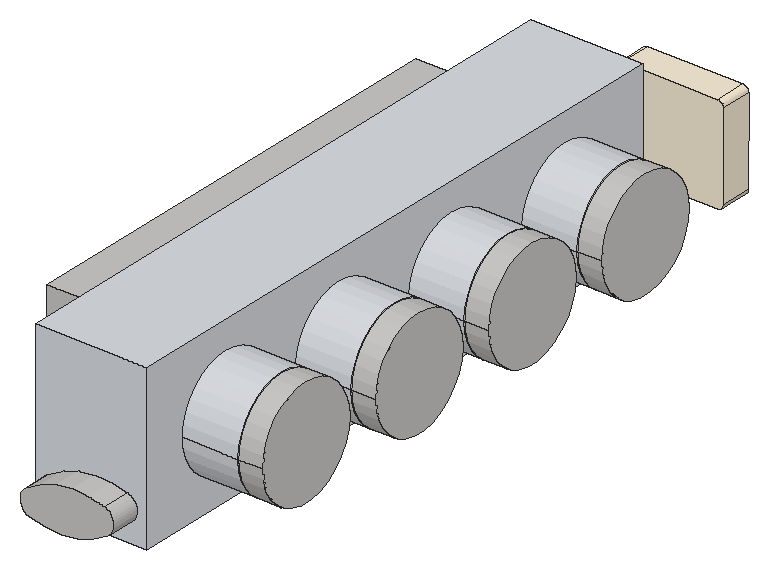
Revit family "HVAC_Ductwork_Airzone_Motorized-Plenum_Samsung_Standard_4-Dampers", category Mechanical Equipment, Revit 2016
Family settings
  Part Type = Normal
  Round Connector Dimension = Use Diameter
  OmniClass Number = 23.75.70.14
  OmniClass Title = Air Ductwork
  Work Plane-Based = No
  Always vertical = Yes
  Cut with Voids When Loaded = No
  Shared = No
  Room Calculation Point = No
Parameters (values of type "SAMST01S4")
  Voltage = 230 V
  URL = "www.airzone.es"
  Type Image Comments = "Image available in product documentation download"  # constant formula
  Revit Model Version = "1.0"  # constant formula
  Revit Model Author URL = "www.a3d.es"
  Revit Model Author = "A3D Consulting"  # constant formula
  Product Documentation Download URL = "http://doc.airzone.es/BIM/Easyzone/Samsung-Airzone_motorized_plenum.zip"
  Product Comments = "Refer to technical documentation for further details"  # constant formula
  Power Factor = 1
  Neck Width = 847.600 mm
  Neck Length = 95.000 mm
  Neck Height = 188.600 mm
  Material = Metal - AIRZONE - Galvanized Sheet - Semi-polished
  Main Control Board Material = Plastic - AIRZONE - Smooth - Off-white
  Load Classification = Other
  Insulated Body Width = 205.000 mm  # constant formula
  Insulated Body Material = Metal -AIRZONE - Insulating Lining -Aluminum Finish
  Insulated Body Length = 1140.000 mm  # constant formula
  Insulated Body Height = 300.000 mm  # constant formula
  Flow [instance] = Damper 4 Air Flow + Damper 3 Air Flow + Damper 2 Air Flow + Damper 1 Air Flow - Fresh Air Inlet 2 Flow - Fresh Air Inlet 1 Flow  # 1200 m³/h
  Fresh Air Inlet 1 Flow [instance] = 0 m³/h
  Fresh Air Inlet 2 Flow [instance] = 0 m³/h
  Fresh Air Inlet Connection Width = 175.000 mm
  Fresh Air Inlet Connection Height = 75.000 mm
  Model = "SAMST01S4"
  Neck Side Offset = 146.200 mm
  Neck Bottom Offset = 78.200 mm
  Type Image = <None>
  Manufacturer = "AIRZONE"  # constant formula
  Main Control Board Depth = 57.000 mm  # constant formula
  Main Control Board Width = 195.000 mm  # constant formula
  Main Control Board Height = 180.000 mm  # constant formula
  Fixing = ""
  Disclaimer = "All information provided in this model is reviewed before being published. However, Airzone cannot guarantee this model is error-free, therefore users are strongly encouraged to check for technical documentation and updates"  # constant formula
  Description = "Airzone standard motorized plenum with neck that mechanically adapts to the main ducted AC units of Samsung."
  Type Comments = ""
  Dampers Length = 149.000 mm  # constant formula
  Dampers Diameter = 200.000 mm  # constant formula
  Damper 4 Air Flow [instance] = 300 m³/h
  Damper 1 Air Flow [instance] = 300 m³/h
  Damper 2 Air Flow [instance] = 300 m³/h
  Damper 3 Air Flow [instance] = 300 m³/h
  Fresh Air Inlet Connection Offset Height = 48.305 mm  # constant formula
  Compatible Accesories = ""
  Apparent Load = 57.5 VA
Types (8, lengths in mm): name | Neck Width | Neck Height | Model | Neck Side Offset | Neck Bottom Offset
  SAMST06M4 | 820.600 | 223.600 | "SAMST06M4" | 159.700 | 43.200
  SAMST05M4 | 907.600 | 188.600 | "SAMST05M4" | 116.200 | 78.200
  SAMST05S4 | 847.600 | 188.600 | "SAMST05S4" | 146.200 | 78.200
  SAMST03M4 | 820.600 | 223.600 | "SAMST03M4" | 159.700 | 43.200
  SAMST02L4 | 907.600 | 232.600 | "SAMST02L4" | 116.200 | 33.700
  SAMST01L4 | 907.600 | 188.600 | "SAMST01L4" | 116.200 | 78.200
  SAMST01M4 | 847.600 | 188.600 | "SAMST01M4" | 146.200 | 78.200
  SAMST01S4 | 847.600 | 188.600 | "SAMST01S4" | 146.200 | 78.200
Reference planes
  plane 1 "Center (Front/Back)": y = 0
  plane 2 "Center (Elevation)": z = 0
  plane 3 "Center (Left/Right)": x = 0
  plane 4 "Neck Back": y = 423.8
  plane 5 "Neck Front": y = -423.8
  plane 6 "Neck Top": z = 94.3
  plane 7 "Neck Bottom": z = -94.3
  plane 8 "Left": x = 95
  plane 9 "Bottom": z = -172.5
  plane 10 "Top": z = 127.5
  plane 11 "Front": y = -570
  plane 12 "Back": y = 570
  plane 13 "Right": x = 300
  plane 14 "Dampers Front": x = 449
  plane 15 "Dampers Center (Elevation)": z = -22.5
  plane 16 "Damper3": y = -130
  plane 17 "Damper2": y = 130
  plane 18 "Damper1": y = 390
  plane 19 "Middle": y = 0
  plane 20 "FreshAir Center (Elevation)": z = -124.195
  plane 21 "FreshAir1": y = 622.5
  plane 22 "FreshAir2": y = -622.5
  plane 23 "Dampers Lining": x = 404
  plane 24 "FreshAir Vertical Axis": x = 195.83
  plane 25 "ConnectionBox Side": x = 254
  plane 26 "Main Control Board Center (Left/Right)": x = 351.5
  plane 27 "Damper4": y = -390
Forms (mm)
  Extrusion 1, solid, material "Metal - AIRZONE - Galvanized Sheet - Semi-polished" <- "Material"
    sketch origin (0, 0, 0) x (0, 1, 0) y (0, 0, 1)
      loop
        line (-423.8, 94.3) -> (-423.8, -94.3) -> (423.8, -94.3) -> (423.8, 94.3) -> (-423.8, 94.3)
    from 0 to 95
  Extrusion 2, solid, material "Metal -AIRZONE - Insulating Lining -Aluminum Finish" <- "Insulated Body Material"
    sketch origin (95, 0, 0) x (0, 1, 0) y (0, 0, 1)
      loop
        line (-570, 127.5) -> (-570, -172.5) -> (570, -172.5) -> (570, 127.5) -> (-570, 127.5)
    from 0 to 205
  Extrusion 3, solid, material "Metal - AIRZONE - Galvanized Sheet - Semi-polished" <- "Material"
    sketch origin (300, 0, 0) x (0, 1, 0) y (0, 0, 1)
      loop
        circle (-130, -22.5) r 100
    from 104 to 149
  Extrusion 4, solid, material "Metal - AIRZONE - Galvanized Sheet - Semi-polished" <- "Material"
    sketch origin (300, 0, 0) x (0, 1, 0) y (0, 0, 1)
      loop
        circle (130, -22.5) r 100
    from 104 to 149
  Extrusion 5, solid, material "Metal - AIRZONE - Galvanized Sheet - Semi-polished" <- "Material"
    sketch origin (300, 0, 0) x (0, 1, 0) y (0, 0, 1)
      loop
        circle (390, -22.5) r 100
    from 104 to 149
  Extrusion 6, solid, material "Metal - AIRZONE - Galvanized Sheet - Semi-polished" <- "Material"
    sketch origin (0, -570, 0) x (0, 0, 1) y (1, 0, 0)
      loop
        arc (-91.641, 265.204) -> (-113.108, 282.105) -> (-137.812, 270.434) r 25.96
        arc (-137.812, 270.434) -> (-163.802, 200.598) -> (-156.349, 126.456) r 164.67
        arc (-156.349, 126.456) -> (-135.165, 109.589) -> (-110.494, 120.751) r 25.96
        arc (-110.494, 120.751) -> (-84.225, 190.78) -> (-91.641, 265.204) r 164.67
    from 0 to -52.5
  Extrusion 7, solid, material "Metal - AIRZONE - Galvanized Sheet - Semi-polished" <- "Material"
    sketch origin (0, 570, 0) x (0, 0, 1) y (1, 0, 0)
      loop
        arc (-91.641, 265.204) -> (-112.825, 282.071) -> (-137.496, 270.909) r 25.96
        arc (-137.496, 270.909) -> (-163.679, 201.53) -> (-156.767, 127.699) r 164.67
        arc (-156.767, 127.699) -> (-135.532, 109.637) -> (-110.178, 121.226) r 25.96
        arc (-110.178, 121.226) -> (-84.188, 191.062) -> (-91.641, 265.204) r 164.67
    from 0 to 52.5
  Extrusion 8, solid, material "Metal -AIRZONE - Insulating Lining -Aluminum Finish" <- "Insulated Body Material"
    sketch origin (300, 0, 0) x (0, 1, 0) y (0, 0, 1)
      loop
        circle (390, -22.5) r 100
    from 0 to 104
  Extrusion 9, solid, material "Metal -AIRZONE - Insulating Lining -Aluminum Finish" <- "Insulated Body Material"
    sketch origin (300, -260, 0) x (0, 1, 0) y (0, 0, 1)
      loop
        circle (390, -22.5) r 100
    from 0 to 104
  Extrusion 10, solid, material "Metal -AIRZONE - Insulating Lining -Aluminum Finish" <- "Insulated Body Material"
    sketch origin (300, -520, 0) x (0, 1, 0) y (0, 0, 1)
      loop
        circle (390, -22.5) r 100
    from 0 to 104
  Extrusion 11, solid, material "Metal - AIRZONE - Galvanized Sheet - Semi-polished" <- "Material"
    sketch origin (300, -190, 0) x (0, 1, 0) y (0, 0, 1)
      loop
        circle (-200, -22.5) r 100
    from 104 to 149
  Extrusion 12, solid, material "Metal -AIRZONE - Insulating Lining -Aluminum Finish" <- "Insulated Body Material"
    sketch origin (300, -710, 0) x (0, 1, 0) y (0, 0, 1)
      loop
        circle (320, -22.5) r 100
    from 0 to 104
Lines and regions (mm)
  Masking region 1
    outline origin (0, 0, 0) x (1, 0, 0) y (0, 1, 0)
      loop
        line (95, 570) -> (95, -570) -> (300, -570) -> (300, 570) -> (95, 570)
  Masking region 2, detail levels medium+fine
    outline origin (0, 0, 0) x (1, 0, 0) y (0, 1, 0)
      loop
        line (0, 423.8) -> (0, -423.8) -> (95, -423.8) -> (95, 423.8) -> (0, 423.8)
  Masking region 3, detail levels medium+fine
    outline origin (0, 0, 0) x (1, 0, 0) y (0, 1, 0)
      loop
        line (300, -30) -> (300, -230) -> (449, -230) -> (449, -30) -> (300, -30)
  Masking region 4, detail levels medium+fine
    outline origin (0, 260, 0) x (1, 0, 0) y (0, 1, 0)
      loop
        line (300, -30) -> (300, -230) -> (449, -230) -> (449, -30) -> (300, -30)
  Masking region 5, detail levels medium+fine
    outline origin (0, 520, 0) x (1, 0, 0) y (0, 1, 0)
      loop
        line (300, -30) -> (300, -230) -> (449, -230) -> (449, -30) -> (300, -30)
  Masking region 6, detail levels medium+fine
    outline origin (0, 0, -124.195) x (1, 0, 0) y (0, 1, 0)
      loop
        line (108.33, 622.5) -> (108.33, 570) -> (283.33, 570) -> (283.33, 622.5) -> (108.33, 622.5)
  Masking region 7, detail levels medium+fine
    outline origin (0, 0, -124.195) x (1, 0, 0) y (0, 1, 0)
      loop
        line (108.33, -570) -> (108.33, -622.5) -> (283.33, -622.5) -> (283.33, -570) -> (108.33, -570)
  Masking region 8, detail levels medium+fine
    outline origin (0, 0, 127.5) x (0, -1, 0) y (1, 0, 0)
      loop
        line (-627, 254) -> (-570, 254) -> (-570, 449) -> (-627, 449) -> (-627, 254)
  Masking region 9, detail levels medium+fine
    outline origin (0, -190, 0) x (1, 0, 0) y (0, 1, 0)
      loop
        line (300, -100) -> (300, -300) -> (449, -300) -> (449, -100) -> (300, -100)
  symbolic lines, detail levels coarse
    curve 1: line (95, -570, 0) -> (300, 0, 0)
    curve 2: line (300, 0, 0) -> (95, 570, 0)
Dimensions and locks
  equal spacing: plane 4 "Neck Back", plane 1 "Center (Front/Back)", plane 5 "Neck Front"
  "Neck Width": plane 4 "Neck Back" to plane 5 "Neck Front"
  equal spacing: plane 6 "Neck Top", level, plane 7 "Neck Bottom"
  "Neck Height": plane 6 "Neck Top" to plane 7 "Neck Bottom"
  "Neck Length": plane 3 "Center (Left/Right)" to plane 8 "Left"
  "Neck Bottom Offset": plane 7 "Neck Bottom" to plane 9 "Bottom"
  "Insulated Body Height": plane 10 "Top" to plane 9 "Bottom"
  "Insulated Body Length": plane 12 "Back" to plane 11 "Front"
  "Insulated Body Width": plane 8 "Left" to plane 13 "Right"
  "Dampers Length": plane 13 "Right" to plane 14 "Dampers Front"
  equal spacing: plane 10 "Top", plane 15 "Dampers Center (Elevation)", plane 9 "Bottom"
  equal spacing: plane 12 "Back", plane 19 "Middle", plane 11 "Front"
  plane 8 "Left" to plane 13 "Right" = 205.000 mm
  "Fresh Air Inlet Connection Offset Height": plane 20 "FreshAir Center (Elevation)" to plane 9 "Bottom"
  locked: Extrusion 6 sketch curve to plane 9 "Bottom" at 56.47
  locked: plane 13 "Right" to Extrusion 6 sketch curve at 43.69
  locked: plane 13 "Right" to Extrusion 6 sketch curve at 164.65
  locked: Extrusion 6 sketch curve to plane 9 "Bottom" at 40.54
  locked: plane 13 "Right" to Extrusion 6 sketch curve at 87.91
  locked: plane 9 "Bottom" to Extrusion 6 sketch curve at 75.01
  locked: plane 13 "Right" to Extrusion 6 sketch curve at 120.43
  locked: Extrusion 6 sketch curve to plane 9 "Bottom" at 172.02
  locked: plane 13 "Right" to Extrusion 7 sketch curve at 43.69
  locked: Extrusion 7 sketch curve to plane 9 "Bottom" at 56.47
  locked: Extrusion 7 sketch curve to plane 9 "Bottom" at 40.54
  locked: plane 13 "Right" to Extrusion 7 sketch curve at 164.65
  locked: plane 13 "Right" to Extrusion 7 sketch curve at 120.43
  locked: Extrusion 7 sketch curve to plane 9 "Bottom" at 172.02
  locked: plane 9 "Bottom" to Extrusion 7 sketch curve at 75.01
  locked: plane 13 "Right" to Extrusion 7 sketch curve at 87.91
  "Neck Side Offset": plane 12 "Back" to plane 4 "Neck Back"
  locked: plane 21 "FreshAir1" to plane 12 "Back" at 52.5
  plane 11 "Front" to plane 22 "FreshAir2" = 52.500 mm
  locked: connector elem to plane 13 "Right" at 104.17
  locked: plane 20 "FreshAir Center (Elevation)" to connector elem
  locked: plane 13 "Right" to connector elem at 104.17
  locked: connector elem to plane 20 "FreshAir Center (Elevation)"
  locked: plane 23 "Dampers Lining" to plane 14 "Dampers Front" at 45
  locked: plane 24 "FreshAir Vertical Axis" to plane 13 "Right" at 104.17
  equal spacing: Masking region 3 sketch curve, plane 16 "Damper3", Masking region 3 sketch curve
  "Dampers Diameter": Masking region 3 sketch curve to Masking region 3 sketch curve
  "Dampers Diameter": Masking region 4 sketch curve to Masking region 4 sketch curve
  equal spacing: Masking region 5 sketch curve, plane 18 "Damper1", Masking region 5 sketch curve
  "Dampers Diameter": Masking region 5 sketch curve to Masking region 5 sketch curve
  equal spacing: Masking region 6 sketch curve, plane 24 "FreshAir Vertical Axis", Masking region 6 sketch curve
  "Fresh Air Inlet Connection Width": Masking region 6 sketch curve to Masking region 6 sketch curve
  equal spacing: Masking region 7 sketch curve, plane 24 "FreshAir Vertical Axis", Masking region 7 sketch curve
  "Fresh Air Inlet Connection Width": Masking region 7 sketch curve to Masking region 7 sketch curve
  "Main Control Board Depth": Masking region 8 sketch curve to plane 12 "Back"
  "Main Control Board Width": plane 25 "ConnectionBox Side" to plane 14 "Dampers Front"
  equal spacing: plane 25 "ConnectionBox Side", plane 26 "Main Control Board Center (Left/Right)", plane 14 "Dampers Front"
  locked: nested 1 to plane 10 "Top" at 10
  equal spacing: Masking region 4 sketch curve, plane 17 "Damper2", Masking region 4 sketch curve
  equal spacing: Masking region 9 sketch curve, plane 27 "Damper4", Masking region 9 sketch curve
  "Dampers Diameter": Masking region 9 sketch curve to Masking region 9 sketch curve
  plane 18 "Damper1" to plane 17 "Damper2" to plane 16 "Damper3" to plane 27 "Damper4" = 260.000 mm locked, 260.000 mm locked, 260.000 mm locked
  locked: plane 17 "Damper2" to plane 19 "Middle" at 130
  "Dampers Diameter": diameter of Extrusion 3 sketch curve
  "Dampers Diameter": diameter of Extrusion 4 sketch curve
  "Dampers Diameter": diameter of Extrusion 5 sketch curve
  radius of Extrusion 7 sketch curve = 164.670 mm  (x2)
  radius of Extrusion 7 sketch curve = 25.960 mm  (x2)
  radius of Extrusion 6 sketch curve = 164.670 mm  (x2)
  radius of Extrusion 6 sketch curve = 25.960 mm  (x2)
  "Dampers Diameter": diameter of Extrusion 8 sketch curve
  "Dampers Diameter": diameter of Extrusion 9 sketch curve
  "Dampers Diameter": diameter of Extrusion 10 sketch curve
  "Dampers Diameter": diameter of Extrusion 11 sketch curve
  "Dampers Diameter": diameter of Extrusion 12 sketch curve
  aligned and locked: level to plane 2 "Center (Elevation)"
  aligned and locked: plane 5 "Neck Front" to Extrusion 1 sketch curve
  aligned and locked: Extrusion 1 sketch curve to plane 6 "Neck Top"
  aligned and locked: Extrusion 1 sketch curve to plane 4 "Neck Back"
  aligned and locked: plane 7 "Neck Bottom" to Extrusion 1 sketch curve
  aligned and locked: Extrusion 1 to plane 3 "Center (Left/Right)"
  aligned and locked: Extrusion 2 sketch curve to plane 10 "Top"
  aligned and locked: Extrusion 2 sketch curve to plane 12 "Back"
  aligned and locked: plane 9 "Bottom" to Extrusion 2 sketch curve
  aligned and locked: plane 11 "Front" to Extrusion 2 sketch curve
  aligned and locked: plane 13 "Right" to Extrusion 2
  aligned and locked: Extrusion 2 to plane 8 "Left"
  aligned and locked: plane 16 "Damper3" to Extrusion 3 sketch curve
  aligned and locked: plane 15 "Dampers Center (Elevation)" to Extrusion 3 sketch curve
  aligned and locked: plane 15 "Dampers Center (Elevation)" to Extrusion 4 sketch curve
  aligned and locked: plane 18 "Damper1" to Extrusion 5 sketch curve
  aligned and locked: plane 15 "Dampers Center (Elevation)" to Extrusion 5 sketch curve
  aligned and locked: plane 14 "Dampers Front" to Extrusion 5
  aligned and locked: plane 14 "Dampers Front" to Extrusion 4
  aligned and locked: plane 14 "Dampers Front" to Extrusion 3
  aligned and locked: plane 8 "Left" to Extrusion 1
  aligned and locked: plane 22 "FreshAir2" to Extrusion 6
  aligned and locked: plane 21 "FreshAir1" to Extrusion 7
  aligned and locked: Extrusion 7 to plane 12 "Back"
  aligned and locked: plane 11 "Front" to Extrusion 6
  aligned and locked: Extrusion 5 to plane 23 "Dampers Lining"
  aligned and locked: Extrusion 5 to Extrusion 4
  aligned and locked: Extrusion 4 to Extrusion 3
  aligned and locked: plane 23 "Dampers Lining" to Extrusion 8
  aligned and locked: Extrusion 10 to plane 13 "Right"
  aligned and locked: plane 23 "Dampers Lining" to Extrusion 10
  aligned and locked: Extrusion 9 to plane 13 "Right"
  aligned and locked: plane 23 "Dampers Lining" to Extrusion 9
  aligned and locked: Extrusion 8 to plane 13 "Right"
  aligned and locked: Extrusion 9 to Extrusion 8
  aligned and locked: plane 18 "Damper1" to Extrusion 8 sketch curve
  aligned and locked: plane 15 "Dampers Center (Elevation)" to Extrusion 8 sketch curve
  aligned and locked: plane 15 "Dampers Center (Elevation)" to Extrusion 9 sketch curve
  aligned and locked: plane 16 "Damper3" to Extrusion 10 sketch curve
  aligned and locked: plane 15 "Dampers Center (Elevation)" to Extrusion 10 sketch curve
  aligned and locked: Masking region 1 sketch curve to plane 12 "Back"
  aligned and locked: plane 8 "Left" to Masking region 1 sketch curve
  aligned and locked: Masking region 1 sketch curve to plane 13 "Right"
  aligned and locked: plane 11 "Front" to Masking region 1 sketch curve
  aligned and locked: plane 5 "Neck Front" to Masking region 2 sketch curve
  aligned and locked: plane 3 "Center (Left/Right)" to Masking region 2 sketch curve
  aligned and locked: Masking region 2 sketch curve to plane 4 "Neck Back"
  aligned and locked: Masking region 2 sketch curve to plane 8 "Left"
  aligned and locked: plane 13 "Right" to Masking region 3 sketch curve
  aligned and locked: Masking region 3 sketch curve to plane 14 "Dampers Front"
  aligned and locked: plane 13 "Right" to Masking region 4 sketch curve
  aligned and locked: Masking region 4 sketch curve to plane 14 "Dampers Front"
  aligned and locked: plane 13 "Right" to Masking region 5 sketch curve
  aligned and locked: Masking region 5 sketch curve to plane 14 "Dampers Front"
  aligned and locked: plane 12 "Back" to Masking region 6 sketch curve
  aligned and locked: Masking region 6 sketch curve to plane 21 "FreshAir1"
  aligned and locked: Masking region 7 sketch curve to plane 11 "Front"
  aligned and locked: Masking region 7 sketch curve to plane 22 "FreshAir2"
  aligned and locked: plane 12 "Back" to Masking region 8 sketch curve
  aligned and locked: Masking region 8 sketch curve to plane 14 "Dampers Front"
  aligned and locked: plane 25 "ConnectionBox Side" to Masking region 8 sketch curve
  aligned and locked: plane 17 "Damper2" to Extrusion 9 sketch curve
  aligned and locked: plane 17 "Damper2" to Extrusion 4 sketch curve
  aligned and locked: Masking region 9 sketch curve to plane 14 "Dampers Front"
  aligned and locked: plane 13 "Right" to Masking region 9 sketch curve
  aligned and locked: Extrusion 12 to plane 13 "Right"
  aligned and locked: plane 23 "Dampers Lining" to Extrusion 12
  aligned and locked: Extrusion 11 to plane 23 "Dampers Lining"
  aligned and locked: plane 14 "Dampers Front" to Extrusion 11
  aligned and locked: plane 15 "Dampers Center (Elevation)" to Extrusion 12 sketch curve
  aligned and locked: plane 27 "Damper4" to Extrusion 12 sketch curve
  aligned and locked: plane 15 "Dampers Center (Elevation)" to Extrusion 11 sketch curve
  aligned and locked: plane 27 "Damper4" to Extrusion 11 sketch curve
  aligned and locked: nested 1 to plane 26 "Main Control Board Center (Left/Right)"
Automatic sketch dimensions
  curve 2 to plane 8 "Left" = 0.000 mm
  curve 1 to plane 8 "Left" = 0.000 mm
  curve 2 to plane 13 "Right" = 0.000 mm
  curve 1 to plane 11 "Front" = 0.000 mm
  curve 2 to plane 19 "Middle" = 0.000 mm
  curve 2 to plane 12 "Back" = 0.000 mm
Nested families
  nested 1: "Airzone_Main-Control-Board" at (351.5, 570, 27.5) x (-1, 0, 0) z (0, 1, 0), Extrusion <- "Main Control Board Depth", Height <- "Main Control Board Height", Width <- "Main Control Board Width", Material <- "Main Control Board Material", type "Standard"
    with Width 195.000 mm, Material Plastic - AIRZONE - Smooth - Off-white, Height 180.000 mm, Extrusion 57.000 mm
Connectors
  hvac at (449, -130, -22.5), driven by "Damper 3 Air Flow", driven by "Dampers Diameter"
    settings: on Extrusion 3, index 1, duct flow 300 m³/h, flow factor 0, pres drop 0.0 Pa, loss coef 0, conn angle 0.00°, conn width 304.8 mm, conn height 304.8 mm, conn diameter 200 mm, duct sys type 1, conn prof type 0, flow config 0, flow direction 2, loss method 0, conn ref index -1, conn util no, is conn primary no, conn desc "Supply Air Out 3"
  hvac at (449, 130, -22.5), driven by "Damper 2 Air Flow", driven by "Dampers Diameter"
    settings: on Extrusion 4, index 2, duct flow 300 m³/h, flow factor 0, pres drop 0.0 Pa, loss coef 0, conn angle 0.00°, conn width 304.8 mm, conn height 304.8 mm, conn diameter 200 mm, duct sys type 1, conn prof type 0, flow config 0, flow direction 2, loss method 0, conn ref index -1, conn util no, is conn primary no, conn desc "Supply Air Out 2"
  hvac at (449, 390, -22.5), driven by "Damper 1 Air Flow", driven by "Dampers Diameter"
    settings: on Extrusion 5, index 3, duct flow 300 m³/h, flow factor 0, pres drop 0.0 Pa, loss coef 0, conn angle 0.00°, conn width 304.8 mm, conn height 304.8 mm, conn diameter 200 mm, duct sys type 1, conn prof type 0, flow config 0, flow direction 2, loss method 0, conn ref index -1, conn util no, is conn primary no, conn desc "Supply Air Out 1"
  hvac at (0, 0, 0), driven by "Flow", driven by "Neck Height", driven by "Neck Width"
    settings: on Extrusion 1, index 6, duct flow 1200 m³/h, flow factor 0, pres drop 0.0 Pa, loss coef 0, conn angle 0.00°, conn width 847.6 mm, conn height 188.6 mm, conn diameter 609.6 mm, duct sys type 1, conn prof type 1, flow config 1, flow direction 1, loss method 0, conn ref index -1, conn util no, is conn primary yes, conn desc "Supply Air In"
  hvac at (195.83, -622.5, -124.195), driven by "Fresh Air Inlet 2 Flow", driven by "Fresh Air Inlet Connection Width", driven by "Fresh Air Inlet Connection Height"
    settings: index 7, duct flow 0 m³/h, flow factor 0, pres drop 0.0 Pa, loss coef 0, conn angle 0.00°, conn width 175 mm, conn height 75 mm, conn diameter 609.6 mm, duct sys type 1, conn prof type 2, flow config 1, flow direction 1, loss method 0, conn ref index -1, conn util no, is conn primary no, conn desc "Fresh Air In 2"
  hvac at (195.83, 622.5, -124.195), driven by "Fresh Air Inlet 1 Flow", driven by "Fresh Air Inlet Connection Height", driven by "Fresh Air Inlet Connection Width"
    settings: index 8, duct flow 0 m³/h, flow factor 0, pres drop 0.0 Pa, loss coef 0, conn angle 0.00°, conn width 175 mm, conn height 75 mm, conn diameter 609.6 mm, duct sys type 1, conn prof type 2, flow config 1, flow direction 1, loss method 0, conn ref index -1, conn util no, is conn primary no, conn desc "Fresh Air In 1"
  hvac at (449, -390, -22.5), driven by "Damper 4 Air Flow", driven by "Dampers Diameter"
    settings: on Extrusion 11, index 9, duct flow 300 m³/h, flow factor 0, pres drop 0.0 Pa, loss coef 0, conn angle 0.00°, conn width 304.8 mm, conn height 304.8 mm, conn diameter 200 mm, duct sys type 1, conn prof type 0, flow config 0, flow direction 2, loss method 0, conn ref index -1, conn util no, is conn primary no, conn desc "Supply Air Out 4"
  electrical at (351.5, 627, 27.5), driven by "Load Classification", driven by "Voltage", driven by "Apparent Load", driven by "Power Factor"
    settings: on nested 1, index 10, voltage 230 V, apparent load 57.5 VA, apparent load phase1 0 VA, apparent load phase2 0 VA, apparent load phase3 0 VA, power factor 1, load classification "Other", number of poles 1, system type 30, power factor state 1, is connector primary yes, connector utility no, sub classification motor no, connector description "Power Supply"
Definition of nested family "Airzone_Main-Control-Board"
  Parameters (values of type "Standard")
    Width [instance] = 195.000 mm
    URL = "www.airzone.es"
    Revit Model Version = "1.0"  # constant formula
    Revit Model Author URL = "www.a3d.es"
    Revit Model Author = "A3D Consulting"  # constant formula
    Material [instance] = none
    Manufacturer = "AIRZONE"  # constant formula
    Height [instance] = 180.000 mm
    Extrusion [instance] = 57.000 mm
    Default Elevation = 0.000 mm
  Reference planes
    plane 1 "Center (Front/Back)": y = 0
    plane 2: z = 0
    plane 3 "Center (Left/Right)": x = 0
    plane 4: y = 90
    plane 5: y = -90
    plane 6: x = 97.5
    plane 7: x = -97.5
  Forms (mm)
    Extrusion 1, solid, material <- "Material"
      sketch origin (0, 0, 0) x (1, 0, 0) y (0, 1, 0)
        loop
          arc (-87.5, 90) -> (-94.571, 87.071) -> (-97.5, 80) r 10
          line (-97.5, 80) -> (-97.5, -80)
          arc (-97.5, -80) -> (-94.571, -87.071) -> (-87.5, -90) r 10
          line (-87.5, -90) -> (87.5, -90)
          arc (87.5, -90) -> (94.571, -87.071) -> (97.5, -80) r 10
          line (97.5, -80) -> (97.5, 80)
          arc (97.5, 80) -> (94.571, 87.071) -> (87.5, 90) r 10
          line (87.5, 90) -> (-87.5, 90)
      from 0 to 57 <- "Extrusion"
  Dimensions and locks
    equal spacing: plane 7, plane 3 "Center (Left/Right)", plane 6
    equal spacing: plane 4, plane 1 "Center (Front/Back)", plane 5
    "Width": plane 7 to plane 6
    "Height": plane 4 to plane 5
    radius of Extrusion 1 sketch curve = 10.000 mm  (x4)
    aligned and locked: level to plane 2
    aligned and locked: plane 5 to Extrusion 1 sketch curve
    aligned and locked: Extrusion 1 sketch curve to plane 6
    aligned and locked: Extrusion 1 sketch curve to plane 4
    aligned and locked: plane 7 to Extrusion 1 sketch curve
